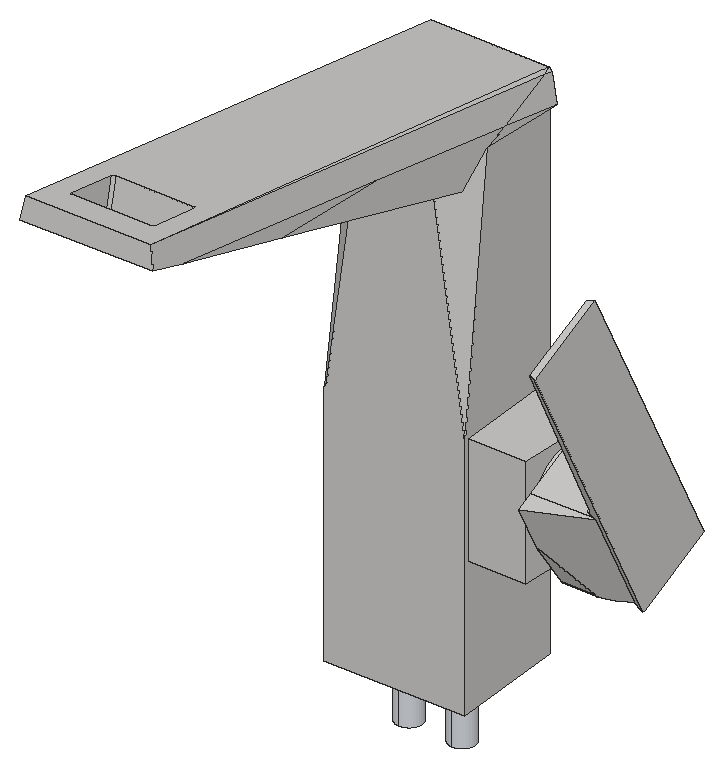
Revit family "Grohe_BasinMixer_AllureBrilliant_24345000", category Plumbing Fixtures, host Face, Revit 2019
Family settings
  Host = Face
  Round Connector Dimension = Use Diameter
  Part Type = Normal
  OmniClass Number = 23.45.05.00
  OmniClass Title = Sanitary Equipment
  Cut with Voids When Loaded = No
  Shared = No
  Room Calculation Point = No
Parameters (values of type "ALLURE BRILLIANT Basin Mixer (24345000)")
  _ObjectUserGuide = "https://www.bimstore.co/products/grohe-24345000/document/object-user-guide"
  _DistributedBy = "https://www.bimstore.co/"
  _CurrentRevision = 1
  _CreatedBy = "https://www.bimstore.co/"
  _BimSpecGuid = 0
  _BSBibleVersion = 17
  _AuthorizedBy = "bimstore"
  _Author = "SM 150"
  WarrantyStartDate [instance] = "Please Record On Commissioning."
  WarrantyGuarantorParts = "info-uk@grohe.com"
  WarrantyGuarantorLabor = "info-uk@grohe.com"
  WarrantyDurationUnit = "Years"
  WarrantyDurationParts = "0"
  WarrantyDurationLabor = "0"
  WarrantyDescription = "n/a"
  URL = "https://www.grohe.co.uk/"
  TypeName = "ALLURE BRILLIANT Basin Mixer"
  Type Comments = "ALLURE BRILLIANT Basin Mixer"
  TPIDocumentLink = "https://cdn.cloud.grohe.com/tpi/2000/2200/2200/2200/2200544/original/2200544.pdf"
  SustainabilityReport = "green.grohe.com/reporting"
  SustainabilityAward = "green.grohe.com/awards"
  SpareParts = "info-uk@grohe.com"
  Size = "n/a"
  Shape = "n/a"
  SerialNumber [instance] = "Please Record On Commissioning."
  ReplacementCost = "n/a"
  ReferencedStandard = "n/a"
  ProductionYear = "2023"
  ProductType = "Single Lever Mixer"
  ProductShortText = "Allure Brilliant OHM basin hgh sp smth b"
  ProductPageURL = "https://www.grohe.co.uk/en_gb/-24345000.html"
  ProductNumber = "24345000"
  ProductDescription = "single hole installation\r\r\nGROHE SilkMove 28 mm ceramic cartridge\r\r\ntemperature limiter\r\r\nGROHE Long-Life Shine durable sparkling sheen\r\r\nGROHE Water Saving 5.0 l/min flow limiter\r\r\nGROHE FastFixation installation system\r\r\nspout with integrated mousseur\r\r\nsmooth body\r\r\nflexible connection hoses\r\r\nmin. recommended pressure 1.0 bar"
  PrimaryMaterial = Grohe_Chorme
  PQDiagramLink = "https://cdn.cloud.grohe.com/PQCharts/lores/2/243/original/24345000-pqchart-en_GB.svg"
  NominalLength = 0.0 mm
  NominalHeight = 0.0 mm
  NominalDepth = 0.0 mm
  NBSReference = "45-35-70/345"
  NBSOfficeMasterTag = "n/a"
  NBSObjectName = "Grohe - Mixer taps"
  NBSNote = "n/a"
  NBSDescription = "Mixer taps"
  ModelReference = "ALLURE BRILLIANT Basin Mixer"
  ModelNumber = "24345000"
  Model = "ALLURE BRILLIANT Basin Mixer"
  Material = "n/a"
  ManufacturerName = "Grohe"
  Manufacturer = "Grohe"
  Keynote = "N13"
  InstallationDate [instance] = "Please Record On Commissioning."
  IfcExportType = "IfcPipeFittingType"
  IfcExportAs = "IfcPipeFitting"
  Grade = "n/a"
  GROHESustainability = "green.grohe.com"
  GROHESocialCommittment = "green.grohe.com/social_engagement"
  FullRecyclabilityOfPlastic = "All plastic components are fully recyclable"
  Finish = "n/a"
  Features = "n/a"
  ExpectedLife = 0
  Ecojoy = no
  EFSE0002 = "False"
  EFDE0022 = "Group I, <=20 dB(A)"
  EF025109 = "Polished"
  EF023688 = "Foam jet nozzle"
  EF023687 = "False"
  EF023686 = "n/a"
  EF022750 = "Cast"
  EF022168 = "False"
  EF022042 = "None"
  EF021835 = 0.0 mm
  EF021808 = "1-hole"
  EF020801 = "False"
  EF020799 = "True"
  EF020798 = "not relevant"
  EF020797 = 201.0 mm
  EF020796 = 221.0 mm
  EF020795 = "Fixed"
  EF020794 = "False"
  EF020792 = "False"
  EF020791 = "Brass"
  EF020789 = 125.0 mm
  EF020787 = "Group II, <=30 dB(A)"
  EF020785 = "3/8 inch"
  EF020781 = "Cartouche, ceramic"
  EF020780 = "Single-grip"
  EF020105 = no
  EF020075 = yes
  EF016731 = "Group I,<= 20 dB(A)"
  EF015280 = "False"
  EF014591 = "False"
  EF014578 = "n/a"
  EF012753 = "5.0"
  EF011781 = "n/a"
  EF011779 = "False"
  EF011775 = "AA, free air gap"
  EF007955 = "False"
  EF002671 = "Chrome"
  EF002286 = "Hose (gland nut)"
  EF002149 = "True"
  EF001707 = "70 °C"
  EF000139 = "Chromium-plated"
  EF000003 = "Top/tap hole"
  DurationUnit = "Years"
  DocumentationTechnical = "https://www.bimstore.co/products/grohe-24345000/document/technical-data-sheet"
  DocumentationMaintenance = "https://www.bimstore.co/products/grohe-24345000/document/maintenance-information"
  DocumentationLiterature = "https://www.bimstore.co/products/grohe-24345000/document/product-literature"
  DocumentationInstallationGuide = "https://www.bimstore.co/products/grohe-24345000/document/installation-guide"
  DocumentationCertificates = "https://www.bimstore.co/products/grohe-24345000/document/product-certificates"
  DimensionsDocumentLink = "https://cdn.cloud.grohe.com/dimdraw/100000/100000/100000/100200/100210/100215/100215379/1280/100215379.jpg"
  Description = "ALLURE BRILLIANT Basin Mixer"
  Default Elevation = 0.0 mm
  CreatedOn = "2023-03-01T09:00:00"
  CreatedBy = "info-uk@grohe.com"
  CradleToCradleCertification = "n/a"
  Cost = 0
  Constituents = "n/a"
  Color = "Chrome"
  CodePerformance = "n/a"
  ClassificationValue = "Pr_40_20_87_55"
  ClassificationName = "Uniclass2015"
  CO2NeutralProduction = "GROHE is one of the first leading manufacturer within the sanitary industry having a CO2-neutral production."
  BarCode [instance] = "Please Record On Commissioning."
  BIMObjectName = "Grohe_BasinMixer_AllureBrilliant_24345000"
  AssetType = "Fixed"
  AssetIdentifier [instance] = "n/a"
  Assembly Code = "D2010"
  AccessibilityPerformance = "n/a"
Reference planes
  plane 1 "Center (Front/Back)": y = 0
  plane 2: z = 0
  plane 3 "Center (Left/Right)": x = 0
Forms (mm)
  Extrusion 1, solid, material "Grohe_Chorme" <- "PrimaryMaterial"
    sketch origin (0, 0, 0) x (1, 0, 0) y (0, 1, 0)
      loop
        line (-26.457, -22.5) -> (26.457, -22.5) -> (22.5, 22.5) -> (-22.5, 22.5) -> (-26.457, -22.5)
    from 0 to 186.04
  Extrusion 2, void
    sketch origin (0.264, 0.411, 0) x (-0.707107, -0.707107, 0) y (0, 0, 1)
      loop
        line (54.618, 220.842) -> (21.296, 220.842) -> (34.618, 92.49) -> (54.618, 92.49) -> (54.618, 220.842)
    from -108.505 to 250
  Extrusion 3, void
    sketch origin (0.074, 0.074, 0) x (0.707107, -0.707107, 0) y (0, 0, -1)
      loop
        line (54.618, -220.842) -> (54.618, -92.49) -> (34.618, -92.49) -> (21.296, -220.842) -> (54.618, -220.842)
    from -108.505 to 250
  Extrusion 4, solid, material "Grohe_Chorme" <- "PrimaryMaterial"
    sketch origin (0, 0, 0) x (0, 1, 0) y (0, 0, 1)
      loop
        line (22.5, 197.724) -> (-166.227, 220.897) -> (-167.256, 212.963) -> (-22.5, 176.517) -> (-10.785, 185.763) -> (22.5, 197.724)
    from -34.835 to 35.263
  Extrusion 5, void
    sketch origin (0, 0, 0) x (1, 0, 0) y (0, 0, 1)
      loop
        line (-25.46, 176.517) -> (-25.209, 197.724) -> (-25.209, 252.724) -> (-65.209, 252.724) -> (-61.544, 147.788) -> (-25.711, 155.405) -> (-25.46, 176.517)
    from -22.5 to 250
  Extrusion 6, void
    sketch origin (0, 0, 0) x (-1, 0, 0) y (0, 0, -1)
      loop
        line (-25.46, -176.517) -> (-25.711, -155.405) -> (-61.544, -147.788) -> (-65.209, -252.724) -> (-25.209, -252.724) -> (-25.209, -197.724) -> (-25.46, -176.517)
    from -22.5 to 250
  Extrusion 7, void
    sketch origin (0, -47.153, -25.903) x (1, 0, 0) y (0, 0.978148, -0.207912)
      loop
        arc (-14.696, -136.626) -> (-15.425, -136.928) -> (-15.726, -137.656) r 1.03
        line (-15.726, -137.656) -> (-15.726, -155.944)
        arc (-15.726, -155.944) -> (-15.425, -156.672) -> (-14.696, -156.973) r 1.03
        line (-14.696, -156.973) -> (14.696, -156.973)
        arc (14.696, -156.973) -> (15.425, -156.672) -> (15.726, -155.944) r 1.03
        line (15.726, -155.944) -> (15.726, -137.656)
        arc (15.726, -137.656) -> (15.425, -136.928) -> (14.696, -136.626) r 1.03
        line (14.696, -136.626) -> (-14.696, -136.626)
    from 197.724 to 225
  Extrusion 8, void
    sketch origin (0, -198.064, 25.678) x (0, 0.128571, 0.9917) y (-1, 0, 0)
      loop
        line (174.722, 27.67) -> (197.692, 23.417) -> (201.108, 20) -> (205.531, 20) -> (205.531, 32.132) -> (174.722, 32.132) -> (174.722, 27.67)
      loop
        line (177.394, -27.175) -> (177.394, -32.132) -> (205.531, -32.132) -> (205.531, -18.169) -> (202.939, -18.169) -> (197.692, -23.417) -> (177.394, -27.175)
    from -253.849 to 250
  Extrusion 9, solid, material "Grohe_Chorme" <- "PrimaryMaterial"
    sketch origin (0, 0, 0) x (0, 1, 0) y (0, 0, 1)
      loop
        line (22.5, 197.724) -> (-10.014, 186.04) -> (22.5, 186.04) -> (22.5, 197.724)
    from -25.322 to 25.322
  Extrusion 10, void
    sketch origin (0, 0, 0) x (1, 0, 0) y (0, 1, 0)
      loop
        line (-23.417, 19.852) -> (-19.9, 27.104) -> (-19.9, 30.509) -> (-35.979, 30.509) -> (-35.979, -12.065) -> (-26.282, -12.065) -> (-23.417, 19.852)
      loop
        line (23.417, 19.852) -> (26.5, -14.488) -> (36.064, -14.488) -> (36.064, 29.065) -> (19.9, 29.065) -> (19.9, 27.104) -> (23.417, 19.852)
    from 0 to 250
  Extrusion 11, solid, material "Grohe_Chorme" <- "PrimaryMaterial"
    sketch origin (0, 0, 0) x (0, 1, 0) y (0, 0, 1)
      loop
        line (20.586, 92.49) -> (-20.586, 92.49) -> (-20.586, 51.321) -> (20.586, 51.321) -> (20.586, 92.49)
    from 22.581 to 48
  Revolve 12, solid, material "Grohe_Chorme" <- "PrimaryMaterial"
    sketch origin (0, 0, 0) x (1, 0, 0) y (0, 0, 1)
      loop
        arc (56.921, 82.015) -> (53.091, 86.78) -> (48, 90.165) r 20
        line (48, 90.165) -> (48, 72.015) -> (56.921, 72.015) -> (56.921, 82.015)
      axis (48, 72.015) -> (56.921, 72.015)
    angle from 0 to 360
  Revolve 13, solid, material "Grohe_Chorme" <- "PrimaryMaterial"
    sketch origin (0, 0, 0) x (0, 1, 0) y (0, 0, 1)
      loop
        line (12.447, -0.549) -> (14.093, -1.083) -> (29.099, 45.1) -> (30.286, 44.714) -> (31.577, 48.688) -> (28.744, 49.608) -> (12.447, -0.549)
      axis (12.447, -0.549) -> (28.744, 49.608)
    angle from 0 to 360
  Extrusion 14, solid, material "Grohe_Chorme" <- "PrimaryMaterial"
    sketch origin (0, 0, 0) x (0, 1, 0) y (0, 0, 1)
      loop
        line (38.038, 54.487) -> (23.038, 54.487) -> (23.038, 48.458) -> (38.038, 48.458) -> (38.038, 54.487)
    from -10 to 9.965
  Extrusion 15, solid, material "Grohe_Chorme" <- "PrimaryMaterial"
    sketch origin (0, -151.345, -104.705) x (0, 0.891007, 0.45399) y (0, -0.45399, 0.891007)
      loop
        line (194.181, 109.094) -> (194.181, 90.327) -> (197.235, 70.116)
        arc (197.235, 70.116) -> (197.899, 68.915) -> (199.186, 68.437) r 1.973
        line (199.186, 68.437) -> (230.161, 68.437)
        arc (230.161, 68.437) -> (231.449, 68.916) -> (232.115, 70.119) r 1.976
        line (232.115, 70.119) -> (235.168, 90.327) -> (235.168, 109.094) -> (228.771, 109.094) -> (200.578, 109.094) -> (194.181, 109.094)
    from 51.125 to 80.164
  Extrusion 16, void
    sketch origin (0, -151.345, -104.705) x (1, 0, 0) y (0, 0.891007, 0.45399)
      loop
        line (29.645, 240.523) -> (76.253, 228.902) -> (80.475, 230.523) -> (80.475, 240.523) -> (29.645, 240.523)
      loop
        line (28.243, 188.477) -> (80.475, 188.477) -> (80.475, 198.477) -> (75.701, 200.309) -> (28.243, 188.477)
    from 0 to 250
  Extrusion 17, solid, material "Grohe_Chorme" <- "PrimaryMaterial"
    sketch origin (0, -151.345, -104.705) x (1, 0, 0) y (0, 0.891007, 0.45399)
      loop
        line (80.164, 214.5) -> (80.164, 230.403) -> (76.253, 228.902) -> (71.047, 226.904) -> (71.047, 202.096) -> (76.253, 200.097) -> (80.164, 198.596) -> (80.164, 214.5)
    from 109.094 to 181.271
  Extrusion 18, void
    sketch origin (0, -151.345, -104.705) x (1, 0, 0) y (0, -0.45399, 0.891007)
      loop
        line (73.875, 111.456) -> (77.849, 183.582) -> (67.849, 183.582) -> (67.849, 109.094) -> (71.379, 109.094)
        arc (71.379, 109.094) -> (73.097, 109.778) -> (73.875, 111.456) r 2.5
    from -250.523 to -151.197
  Sweep 19, solid
    path in 3D
      loop
        line (7.464, 0.22, -2.214) -> (7.464, 0.22, -24.863)
    profile origin (7.464, 0.22, -13.539) x (0, -1, 0) y (1, 0, 0)
      loop
        circle (0, 0) r 4.75
  Sweep 20, solid
    path in 3D
      loop
        line (-12.536, 0.22, -2.214) -> (-12.536, 0.22, -24.863)
    profile origin (-12.536, 0.22, -13.539) x (0, -1, 0) y (1, 0, 0)
      loop
        circle (0, 0) r 4.75
Cuts and joins
  Extrusion 2, Extrusion 3 cuts Extrusion 1
  Extrusion 3 cuts Extrusion 11
  Extrusion 16 cuts Extrusion 15
  Extrusion 18 cuts Extrusion 17
  joined: Extrusion 1, Extrusion 11, Revolve 12, Extrusion 15, Extrusion 17
  Extrusion 5, Extrusion 6, Extrusion 7, Extrusion 8, Extrusion 10 cuts Extrusion 4
  Extrusion 8 cuts Extrusion 9
Lines and regions (mm)
  sketch lines
    curve 1: line (7.464, 0.22, -2.214) -> (7.464, 0.22, -24.863)
    curve 2: line (-12.536, 0.22, -2.214) -> (-12.536, 0.22, -24.863)
Dimensions and locks
  aligned and locked: plane 2 to host face
  aligned and locked: level to host face
Connectors
  piping at (7.464, 0.22, -24.863), diameter 10
    settings: on Sweep 19, index 7, connector inside diameter 609.6 mm, connector length 0.0 mm, flow factor 0, pipe flow 0.0 L/s, pressure drop 0.0 Pa, fitting loss kfactor 0, connector angle 0.00°, fixture units 0, engagement length 0.0 mm, angle of deflection 0.00°, flow configuration 0, flow direction 0, fitting loss method 0, system type 19, joint type 0, gender type 0, connector reference index -1, connector utility 0, adjustable connector no, is connector primary yes, connector description ""
  piping at (-12.536, 0.22, -24.863), diameter 10
    settings: on Sweep 20, index 8, connector inside diameter 609.6 mm, connector length 0.0 mm, flow factor 0, pipe flow 0.0 L/s, pressure drop 0.0 Pa, fitting loss kfactor 0, connector angle 0.00°, fixture units 0, engagement length 0.0 mm, angle of deflection 0.00°, flow configuration 0, flow direction 0, fitting loss method 0, system type 19, joint type 0, gender type 0, connector reference index -1, connector utility 0, adjustable connector no, is connector primary no, connector description ""
